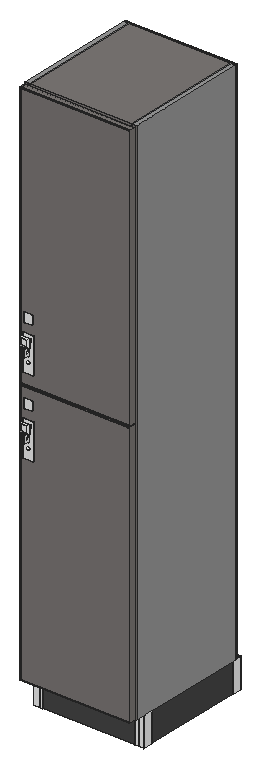
Revit family "Wood_Lockers_Hasps-Salsbury_Industries-15_42000_Series-1_Wide_Units.rfa", category Specialty Equipment, Revit 2016 (continued)
Definition of nested family "Wood Locker Side Panels-No Slope"
  Reference planes (in)
    plane 12 "Right Side of Wood": x = 11.7815
    plane 13 "Left Side of Wood": x = -11.7815
    plane 14 "Top of Wood": z = 71.969
    plane 15 "Bottom of Wood": z = 0.031
  Forms (in)
    Extrusion 1, solid, visible <- "Visible"
      sketch origin (0, 0.375, 0) x (1, 0, 0) y (0, 0, 1)
        loop
          line (11.7815, 71.969) -> (-11.7815, 71.969) -> (-11.7815, 0.031) -> (11.7815, 0.031) -> (11.7815, 71.969)
      from 0 to 0.719
    Extrusion 2, solid, material <- "Laminate Surface", visible <- "Visible"
      sketch origin (0, -0.375, 0) x (1, 0, 0) y (0, 0, 1)
        loop
          line (-11.8125, 72) -> (-11.8125, 0) -> (11.8125, 0) -> (11.8125, 72) -> (-11.8125, 72)
      from -0.031 to 0
    Extrusion 3, solid, material <- "Laminate Surface", visible <- "Visible"
      sketch origin (0, 0, 0) x (1, 0, 0) y (0, 0, 1)
        loop
          line (-11.8125, 0) -> (11.8125, 0) -> (11.8125, 72) -> (-11.8125, 72) -> (-11.8125, 0)
        loop
          line (-11.7815, 0.031) -> (11.7815, 0.031) -> (11.7815, 71.969) -> (-11.7815, 71.969) -> (-11.7815, 0.031)
      from -0.375 to 0.344
  Dimensions and locks (in)
    equal spacing: plane 6 "Left Side", plane 3 "Center (Left/Right)", plane 7 "Right Side"
    plane 5 "Front" to plane 1 "Center (Front/Back)" to plane 4 "Back" = 0.375", 0.375"
    "Width": plane 6 "Left Side" to plane 7 "Right Side"
    "Depth": plane 5 "Front" to plane 4 "Back"
    equal spacing: plane 9 "Top", plane 10 "Center Elevation", plane 8 "Bottom"
    "Height": plane 9 "Top" to plane 8 "Bottom"
    locked: plane 5 "Front" to plane 11 "Wood - Laminate Edge" at 0.031
    locked: plane 15 "Bottom of Wood" to plane 8 "Bottom" at 0.031
    locked: plane 12 "Right Side of Wood" to plane 7 "Right Side" at 0.031
    locked: plane 6 "Left Side" to plane 13 "Left Side of Wood" at 0.031
    locked: plane 9 "Top" to plane 14 "Top of Wood" at 0.031
    aligned and locked: level to plane 2
    aligned and locked: Extrusion 2 sketch curve to plane 7 "Right Side"
    aligned and locked: plane 8 "Bottom" to Extrusion 2 sketch curve
    aligned and locked: plane 6 "Left Side" to Extrusion 2 sketch curve
    aligned and locked: plane 9 "Top" to Extrusion 2 sketch curve
    aligned and locked: Extrusion 3 to plane 4 "Back"
    aligned and locked: plane 11 "Wood - Laminate Edge" to Extrusion 3
  Automatic sketch dimensions
    plane 13 "Left Side of Wood" to Extrusion 1 sketch curve = 0.000"
    plane 12 "Right Side of Wood" to Extrusion 1 sketch curve = 0.000"
    Extrusion 1 sketch curve to plane 15 "Bottom of Wood" = 0.000"
    Extrusion 1 sketch curve to plane 14 "Top of Wood" = 0.000"
    plane 13 "Left Side of Wood" to Extrusion 3 sketch curve = 0.000"
    Extrusion 3 sketch curve to level = 0.000"
    plane 13 "Left Side of Wood" to Extrusion 3 sketch curve = 0.031"
    plane 12 "Right Side of Wood" to Extrusion 3 sketch curve = 0.000"
    plane 7 "Right Side" to Extrusion 3 sketch curve = 0.000"
    Extrusion 3 sketch curve to plane 15 "Bottom of Wood" = 0.000"
    Extrusion 3 sketch curve to plane 14 "Top of Wood" = 0.000"
    Extrusion 3 sketch curve to plane 9 "Top" = 0.000"
Definition of nested family "Wood Locker Side Panels-With Slope"
  Parameters (values of type "44238 - 6' H for 24" D Lockers")
    Width = 23.625"
    Visible = yes
    Version = "1.0 (12/15/23)"
    Type Comments = "Side Panel for Premier Wood Lockers with Sloping Hood"
    Slope Height = 8.608"
    Model = "44238"
    Manufacturer = "Salsbury Industries"
    Laminate Surface = none
    Height = 72.153"
    Door Trim = none
    Description = "6' H for 24\" D Lockers"
    Depth = 0.750"
  Types (6): name | Width | Visible | Version | Type Comments | Slope Height | Model | Manufacturer | Height | Description
    (no name) | 23.625" | yes | "1.0 (12/15/23)" | "Side Panel for Premier Wood Lockers with Sloping Hood" | 8.608" | "44238" | "Salsbury Industries" | 72.153" | "6' H for 24\" D Lockers"
    44334 - 6' H  for 18" D Lockers | 17.625" | yes | "1.0 (12/15/23)" | "Side Panel for Premier Wood Lockers with Sloping Hood" | 6.806" | "44334" | "Salsbury Industries" | 72.062" | "6' H for 18\" D Lockers"
    44336 - 6' H for 21" D Lockers | 20.625" | yes | "1.0 (12/15/23)" | "Side Panel for Premier Wood Lockers with Sloping Hood" | 7.931" | "44336" | "Salsbury Industries" | 72.062" | "6' H for 21\" D Lockers"
    None | 14.625" | no | "" | "" | 5.681" | "" | "" | 72.062" | ""
    44339 - 6' H for 15" D Lockers | 14.625" | yes | "1.0 (12/15/23)" | "Side Panel for Premier Wood Lockers with Sloping Hood" | 5.681" | "44339" | "Salsbury Industries" | 72.062" | "6' H for 15\" D Lockers"
    44238 - 6' H for 24" D Lockers | 23.625" | yes | "1.0 (12/15/23)" | "Side Panel for Premier Wood Lockers with Sloping Hood" | 8.608" | "44238" | "Salsbury Industries" | 72.153" | "6' H for 24\" D Lockers"
  Reference planes (in)
    plane 1 "Center (Front/Back)": y = 0
    plane 2: z = 0
    plane 3 "Center (Left/Right)": x = 0
    plane 4 "Back": y = 0.375
    plane 5 "Front": y = -0.375
    plane 6 "Left Side": x = -11.8125
    plane 7 "Right Side": x = 11.8125
    plane 8 "Bottom": z = 0
    plane 9 "Top": z = 72.153
    plane 10 "Center Elevation": z = 36.0765
    plane 11 "Wood - Laminate Edge": y = -0.344
    plane 12 "Right Side of Wood": x = 11.7815
    plane 13 "Left Side of Wood": x = -11.7815
    plane 14 "Top of Wood": z = 72.028
    plane 15 "Bottom of Wood": z = 0.031
    plane 16: z = 80.761
    plane 17: z = 80.636
  Forms (in)
    Extrusion 1, solid, visible <- "Visible"
      sketch origin (0, 0.375, 0) x (1, 0, 0) y (0, 0, 1)
        loop
          line (-11.8125, 80.73) -> (-11.8125, 0) -> (11.7815, 0) -> (11.7815, 72.13387) -> (-11.8125, 80.73)
      from 0 to 0.719
    Extrusion 2, solid, material <- "Laminate Surface", visible <- "Visible"
      sketch origin (0, -0.375, 0) x (1, 0, 0) y (0, 0, 1)
        loop
          line (-11.8125, 0) -> (11.8125, 0) -> (11.8125, 72.153) -> (-11.8125, 80.761) -> (-11.8125, 0)
      from -0.031 to 0
    Extrusion 3, solid, material <- "Laminate Surface", visible <- "Visible"
      sketch origin (0, -0.375, 0) x (1, 0, 0) y (0, 0, 1)
        loop
          line (11.8125, 0) -> (11.8125, 72.153) -> (-11.8125, 80.761) -> (-11.8125, 80.73) -> (11.7815, 72.13387) -> (11.7815, 0) -> (11.8125, 0)
      from -0.031 to -0.75
  Dimensions and locks (in)
    equal spacing: plane 6 "Left Side", plane 3 "Center (Left/Right)", plane 7 "Right Side"
    plane 5 "Front" to plane 1 "Center (Front/Back)" to plane 4 "Back" = 0.375", 0.375"
    "Width": plane 6 "Left Side" to plane 7 "Right Side"
    "Depth": plane 5 "Front" to plane 4 "Back"
    equal spacing: plane 9 "Top", plane 10 "Center Elevation", plane 8 "Bottom"
    "Height": plane 9 "Top" to plane 8 "Bottom"
    locked: plane 5 "Front" to plane 11 "Wood - Laminate Edge" at 0.031
    locked: plane 15 "Bottom of Wood" to plane 8 "Bottom" at 0.031
    locked: plane 12 "Right Side of Wood" to plane 7 "Right Side" at 0.031
    locked: plane 6 "Left Side" to plane 13 "Left Side of Wood" at 0.031
    locked: plane 9 "Top" to plane 14 "Top of Wood" at 0.125
    "Slope Height": plane 16 to plane 9 "Top"
    locked: plane 16 to plane 17 at 0.125
    aligned and locked: level to plane 2
    aligned and locked: Extrusion 3 to plane 4 "Back"
    aligned and locked: plane 11 "Wood - Laminate Edge" to Extrusion 3
  Automatic sketch dimensions
    plane 6 "Left Side" to Extrusion 2 sketch curve = 0.000"
    plane 7 "Right Side" to Extrusion 2 sketch curve = 0.000"
    Extrusion 2 sketch curve to level = 0.000"
    Extrusion 2 sketch curve to plane 9 "Top" = 0.000"
    Extrusion 2 sketch curve to plane 16 = 0.000"
    Extrusion 1 sketch curve to level = 0.000"
    plane 6 "Left Side" to Extrusion 1 sketch curve = 0.000"
    plane 12 "Right Side of Wood" to Extrusion 1 sketch curve = 0.000"
    plane 9 "Top" to Extrusion 1 sketch curve = 0.01913"
    plane 6 "Left Side" to Extrusion 3 sketch curve = 0.000"
    plane 12 "Right Side of Wood" to Extrusion 3 sketch curve = 0.000"
    plane 7 "Right Side" to Extrusion 3 sketch curve = 0.000"
    Extrusion 3 sketch curve to level = 0.000"
    Extrusion 3 sketch curve to plane 9 "Top" = 0.000"
    Extrusion 3 sketch curve to plane 16 = 0.000"
    plane 9 "Top" to Extrusion 3 sketch curve = 0.01913"
    plane 16 to Extrusion 3 sketch curve = 0.031"
    plane 16 to Extrusion 1 sketch curve = 0.031"
Definition of nested family "Wood Locker Double Side Panels-No Slope"
  Parameters (values of type "44237DE - 6' H for 24"D Lockers")
    Width = 47.250"
    Visible = yes
    Version = "1.0 (12/15/23)"
    Type Comments = "Double End Panel for Premier Wood Lockers"
    Model = "44237DE"
    Manufacturer = "Salsbury Industries"
    Laminate Surface = none
    Height = 72.000"
    Door Trim = none
    Description = "For 6' H x 21\" D without Sloping Hood"
    Depth = 0.750"
  Types (6): name | Width | Visible | Version | Type Comments | Model | Manufacturer | Description
    (no name) | 47.250" | yes | "1.0 (12/15/23)" | "Double End Panel for Premier Wood Lockers" | "44237DE" | "Salsbury Industries" | "For 6' H x 21\" D without Sloping Hood"
    44330DE - 6' H for 15"D Lockers | 29.250" | yes | "1.0 (12/15/23)" | "Double End Panel for Premier Wood Lockers" | "44330DE" | "Salsbury Industries" | "For 6' H x 15\" D without Sloping Hood"
    44333DE - 6' H for 18" D Lockers | 35.250" | yes | "1.0 (12/15/23)" | "Double End Panel for Premier Wood Lockers" | "44333DE" | "Salsbury Industries" | "For 6' H x 18\" D without Sloping Hood"
    44335DE - 6' H for 21" D Lockers | 41.250" | yes | "1.0 (12/15/23)" | "Double End Panel for Premier Wood Lockers" | "44335DE" | "Salsbury Industries" | "For 6' H x 21\" D without Sloping Hood"
    None | 14.000" | no | "" | "" | "" | "" | ""
    44237DE - 6' H for 24"D Lockers | 47.250" | yes | "1.0 (12/15/23)" | "Double End Panel for Premier Wood Lockers" | "44237DE" | "Salsbury Industries" | "For 6' H x 21\" D without Sloping Hood"
  Reference planes (in)
    plane 1 "Center (Front/Back)": y = 0
    plane 2: z = 0
    plane 3 "Center (Left/Right)": x = 0
    plane 4 "Back": y = 0.375
    plane 5 "Front": y = -0.375
    plane 6 "Left Side": x = -23.625
    plane 7 "Right Side": x = 23.625
    plane 8 "Bottom": z = 0
    plane 9 "Top": z = 72
    plane 10 "Center Elevation": z = 36
    plane 11 "Wood - Laminate Edge": y = -0.344
    plane 12 "Right Side of Wood": x = 23.594
    plane 13 "Left Side of Wood": x = -23.594
    plane 14 "Top of Wood": z = 71.969
    plane 15 "Bottom of Wood": z = 0.031
  Forms (in)
    Extrusion 1, solid, visible <- "Visible"
      sketch origin (0, 0.375, 0) x (1, 0, 0) y (0, 0, 1)
        loop
          line (23.594, 71.969) -> (-23.594, 71.969) -> (-23.594, 0.031) -> (23.594, 0.031) -> (23.594, 71.969)
      from 0 to 0.719
    Extrusion 2, solid, material <- "Laminate Surface", visible <- "Visible"
      sketch origin (0, -0.375, 0) x (1, 0, 0) y (0, 0, 1)
        loop
          line (-23.625, 72) -> (-23.625, 0) -> (23.625, 0) -> (23.625, 72) -> (-23.625, 72)
      from -0.031 to 0
    Extrusion 3, solid, material <- "Laminate Surface", visible <- "Visible"
      sketch origin (0, 0, 0) x (1, 0, 0) y (0, 0, 1)
        loop
          line (-23.625, 0) -> (23.625, 0) -> (23.625, 72) -> (-23.625, 72) -> (-23.625, 0)
        loop
          line (23.594, 71.969) -> (-23.594, 71.969) -> (-23.594, 0.031) -> (23.594, 0.031) -> (23.594, 71.969)
      from -0.375 to 0.344
  Dimensions and locks (in)
    equal spacing: plane 6 "Left Side", plane 3 "Center (Left/Right)", plane 7 "Right Side"
    plane 5 "Front" to plane 1 "Center (Front/Back)" to plane 4 "Back" = 0.375", 0.375"
    "Width": plane 6 "Left Side" to plane 7 "Right Side"
    "Depth": plane 5 "Front" to plane 4 "Back"
    equal spacing: plane 9 "Top", plane 10 "Center Elevation", plane 8 "Bottom"
    "Height": plane 9 "Top" to plane 8 "Bottom"
    locked: plane 5 "Front" to plane 11 "Wood - Laminate Edge" at 0.031
    locked: plane 15 "Bottom of Wood" to plane 8 "Bottom" at 0.031
    plane 12 "Right Side of Wood" to plane 7 "Right Side" = 0.031"
    locked: plane 6 "Left Side" to plane 13 "Left Side of Wood" at 0.031
    locked: plane 9 "Top" to plane 14 "Top of Wood" at 0.031
    aligned and locked: level to plane 2
    aligned and locked: Extrusion 2 sketch curve to plane 8 "Bottom"
    aligned and locked: plane 6 "Left Side" to Extrusion 2 sketch curve
    aligned and locked: Extrusion 2 sketch curve to plane 7 "Right Side"
    aligned and locked: Extrusion 2 sketch curve to plane 9 "Top"
    aligned and locked: Extrusion 3 to plane 4 "Back"
    aligned and locked: plane 11 "Wood - Laminate Edge" to Extrusion 3
  Automatic sketch dimensions
    plane 13 "Left Side of Wood" to Extrusion 1 sketch curve = 0.000"
    plane 12 "Right Side of Wood" to Extrusion 1 sketch curve = 0.000"
    Extrusion 1 sketch curve to plane 15 "Bottom of Wood" = 0.000"
    Extrusion 1 sketch curve to plane 14 "Top of Wood" = 0.000"
    Extrusion 3 sketch curve to level = 0.000"
    plane 6 "Left Side" to Extrusion 3 sketch curve = 0.000"
    plane 7 "Right Side" to Extrusion 3 sketch curve = 0.000"
    Extrusion 3 sketch curve to plane 9 "Top" = 0.000"
    plane 13 "Left Side of Wood" to Extrusion 3 sketch curve = 0.000"
    Extrusion 3 sketch curve to plane 15 "Bottom of Wood" = 0.000"
    Extrusion 3 sketch curve to plane 14 "Top of Wood" = 0.000"
    plane 12 "Right Side of Wood" to Extrusion 3 sketch curve = 0.000"
Definition of nested family "Wood Locker Double Side Panels-With Slope"
  Parameters (values of type "44238DE - 6' H for 24"D Lockers")
    Width = 47.250"
    Visible = yes
    Version = "1.0 (12/15/23)"
    Type Comments = "Double End Panel for Premier Wood Lockers"
    Slope Height = 8.895"
    Model = "442386DE"
    Manufacturer = "Salsbury Industries"
    Laminate Surface = none
    Height = 72.153"
    Door Trim = none
    Description = "For 6' H x 21\" D Lockers with Sloping Hood"
    Depth = 0.750"
  Types (6): name | Width | Visible | Version | Type Comments | Slope Height | Model | Manufacturer | Height | Description
    (no name) | 47.250" | yes | "1.0 (12/15/23)" | "Double End Panel for Premier Wood Lockers" | 8.895" | "442386DE" | "Salsbury Industries" | 72.153" | "For 6' H x 21\" D Lockers with Sloping Hood"
    44339DE - 6' H for 15"D Lockers | 29.250" | yes | "1.0 (12/15/23)" | "Double End Panel for Premier Wood Lockers" | 5.681" | "44339DE" | "Salsbury Industries" | 72.062" | "For 6' H x 15\" D Lockers with Sloping Hood"
    44334DE - 6' H  for 18" D Lockers | 35.250" | yes | "1.0 (12/15/23)" | "Double End Panel for Premier Wood Lockers" | 6.806" | "44334DE" | "Salsbury Industries" | 72.062" | "For 6' H x 18\" D Lockers with Sloping Hood"
    44336DE - 6' H for 21" D Lockers | 41.250" | yes | "1.0 (12/15/23)" | "Double End Panel for Premier Wood Lockers" | 7.931" | "44336DE" | "Salsbury Industries" | 72.062" | "For 6' H x 21\" D Lockers with Sloping Hood"
    None | 14.000" | no | "" | "" | 5.500" | "" | "" | 72.000" | ""
    44238DE - 6' H for 24"D Lockers | 47.250" | yes | "1.0 (12/15/23)" | "Double End Panel for Premier Wood Lockers" | 8.895" | "442386DE" | "Salsbury Industries" | 72.153" | "For 6' H x 21\" D Lockers with Sloping Hood"
  Reference planes (in)
    plane 1 "Center (Front/Back)": y = 0
    plane 2: z = 0
    plane 3 "Center (Left/Right)": x = 0
    plane 4 "Back": y = 0.375
    plane 5 "Front": y = -0.375
    plane 6 "Left Side": x = -23.625
    plane 7 "Right Side": x = 23.625
    plane 8 "Bottom": z = 0
    plane 9 "Top": z = 72.153
    plane 10 "Center Elevation": z = 36.0765
    plane 11 "Wood - Laminate Edge": y = -0.344
    plane 12 "Right Side of Wood": x = 23.594
    plane 13 "Left Side of Wood": x = -23.594
    plane 14 "Top of Wood": z = 72.028
    plane 15 "Bottom of Wood": z = 0.125
    plane 16: z = 81.048
    plane 17: z = 81.017
  Forms (in)
    Extrusion 1, solid, visible <- "Visible"
      sketch origin (0, 0.375, 0) x (1, 0, 0) y (0, 0, 1)
        loop
          line (23.594, 72.122) -> (0, 81.017) -> (-23.594, 72.122) -> (-23.594, 0) -> (23.594, 0) -> (23.594, 72.122)
      from 0 to 0.719
    Extrusion 2, solid, material <- "Laminate Surface", visible <- "Visible"
      sketch origin (0, -0.375, 0) x (1, 0, 0) y (0, 0, 1)
        loop
          line (23.625, 0) -> (23.625, 72.153) -> (0, 81.048) -> (-23.625, 72.153) -> (-23.625, 0) -> (23.625, 0)
      from -0.031 to 0
    Extrusion 3, solid, material <- "Laminate Surface", visible <- "Visible"
      sketch origin (0, 0.375, 0) x (1, 0, 0) y (0, 0, 1)
        loop
          line (23.625, 0) -> (23.625, 72.153) -> (0, 81.048) -> (-23.625, 72.153) -> (-23.625, 0) -> (-23.594, 0) -> (-23.594, 72.122) -> (0, 81.017) -> (23.594, 72.122) -> (23.594, 0) -> (23.625, 0)
      from 0 to 0.719
  Dimensions and locks (in)
    equal spacing: plane 6 "Left Side", plane 3 "Center (Left/Right)", plane 7 "Right Side"
    plane 5 "Front" to plane 1 "Center (Front/Back)" to plane 4 "Back" = 0.375", 0.375"
    "Width": plane 6 "Left Side" to plane 7 "Right Side"
    "Depth": plane 5 "Front" to plane 4 "Back"
    equal spacing: plane 9 "Top", plane 10 "Center Elevation", plane 8 "Bottom"
    "Height": plane 9 "Top" to plane 8 "Bottom"
    locked: plane 5 "Front" to plane 11 "Wood - Laminate Edge" at 0.031
    locked: plane 15 "Bottom of Wood" to plane 8 "Bottom" at 0.125
    locked: plane 12 "Right Side of Wood" to plane 7 "Right Side" at 0.031
    locked: plane 6 "Left Side" to plane 13 "Left Side of Wood" at 0.031
    locked: plane 9 "Top" to plane 14 "Top of Wood" at 0.125
    "Slope Height": plane 16 to plane 9 "Top"
    locked: plane 16 to plane 17 at 0.031
    aligned and locked: level to plane 2
    aligned and locked: Extrusion 3 to plane 4 "Back"
    aligned and locked: plane 11 "Wood - Laminate Edge" to Extrusion 3
  Automatic sketch dimensions
    plane 6 "Left Side" to Extrusion 2 sketch curve = 0.000"
    Extrusion 2 sketch curve to plane 3 "Center (Left/Right)" = 0.000"
    plane 7 "Right Side" to Extrusion 2 sketch curve = 0.000"
    Extrusion 2 sketch curve to level = 0.000"
    Extrusion 2 sketch curve to plane 9 "Top" = 0.000"  (x2)
    Extrusion 2 sketch curve to plane 16 = 0.000"
    Extrusion 1 sketch curve to level = 0.000"
    plane 13 "Left Side of Wood" to Extrusion 1 sketch curve = 0.000"
    Extrusion 1 sketch curve to plane 3 "Center (Left/Right)" = 0.000"
    plane 12 "Right Side of Wood" to Extrusion 1 sketch curve = 0.000"
    Extrusion 1 sketch curve to plane 17 = 0.000"
    plane 9 "Top" to Extrusion 1 sketch curve = 0.031"  (x2)
    Extrusion 3 sketch curve to level = 0.000"  (x2)
    plane 6 "Left Side" to Extrusion 3 sketch curve = 0.000"
    plane 13 "Left Side of Wood" to Extrusion 3 sketch curve = 0.000"
    Extrusion 3 sketch curve to plane 3 "Center (Left/Right)" = 0.000"  (x2)
    plane 12 "Right Side of Wood" to Extrusion 3 sketch curve = 0.000"
    plane 7 "Right Side" to Extrusion 3 sketch curve = 0.000"
    Extrusion 3 sketch curve to plane 9 "Top" = 0.000"  (x2)
    plane 9 "Top" to Extrusion 3 sketch curve = 0.031"  (x2)
    Extrusion 3 sketch curve to plane 17 = 0.000"
    Extrusion 3 sketch curve to plane 16 = 0.000"
Definition of nested family "Wood Locker Front Fillers"
  Parameters (values of type "44467 - 15" W for 6'H Lockers without Base")
    Width = 15.000"
    Visible Base = no
    Visible = yes
    Version = "1.0 (12/15/23)"
    Type Comments = "Front Vertical Filler for Premier Wood Lockers"
    Model = "44467"
    Manufacturer = "Salsbury Industries"
    Laminate Surface = none
    Height = 72.000"
    Description = "For 6' H Lockers"
    Depth = 0.750"
    Base Material = none
    Base Height = 0.000"
  Types (3): name | Width | Visible | Version | Type Comments | Model | Manufacturer | Description | Base Height
    None | 15.000" | no | "" | "" | "" | "" | "" | 4.000"
    44467 - 15" W for 6'H Lockers without Base | 15.000" | yes | "1.0 (12/15/23)" | "Front Vertical Filler for Premier Wood Lockers" | "44467" | "Salsbury Industries" | "For 6' H Lockers" | 0.000"
    44469 - 9" W for 6' H Lockers without Base | 9.000" | yes | "1.0 (12/15/23)" | "Front Vertical Filler for Premier Wood Lockers" | "44469" | "Salsbury Industries" | "For 6' H Lockers" | 0.000"
  Reference planes (in)
    plane 1 "Center (Front/Back)": y = 0
    plane 2: z = 0
    plane 3 "Center (Left/Right)": x = 0
    plane 4 "Back": y = 0.375
    plane 5 "Front": y = -0.375
    plane 6 "Left Side": x = -7.5
    plane 7 "Right Side": x = 7.5
    plane 8 "Bottom": z = 0
    plane 9 "Top": z = 72
    plane 10 "Center Elevation": z = 36
    plane 11 "Wood - Laminate Edge": y = -0.344
    plane 12 "Right Side of Wood": x = 7.375
    plane 13 "Left Side of Wood": x = -7.375
    plane 14 "Top of Wood": z = 71.875
    plane 15 "Bottom of Wood": z = 0.125
    plane 16 "Front of Base Filler": y = 1
  Forms (in)
    Extrusion 1, solid, visible <- "Visible"
      sketch origin (0, 0.375, 0) x (1, 0, 0) y (0, 0, 1)
        loop
          line (7.5, 72) -> (-7.5, 72) -> (-7.5, 0) -> (7.5, 0) -> (7.5, 72)
      from 0 to 0.719
    Extrusion 2, solid, material <- "Laminate Surface", visible <- "Visible"
      sketch origin (0, -0.375, 0) x (1, 0, 0) y (0, 0, 1)
        loop
          line (-7.5, 72) -> (-7.5, 0) -> (7.5, 0) -> (7.5, 72) -> (-7.5, 72)
      from -0.031 to 0
    Extrusion 3, solid, material <- "Base Material", visible <- "Visible Base"
      sketch origin (0, 0, 0) x (1, 0, 0) y (0, 1, 0)
        loop
          line (-7.5, 1.75) -> (-7.5, 0.375) -> (7.5, 0.375) -> (7.5, 1.75) -> (-7.5, 1.75)
      from 0 to 0.75
    Extrusion 4, solid, material <- "Base Material", visible <- "Visible Base"
      sketch origin (0, 0, 0) x (1, 0, 0) y (0, 1, 0)
        loop
          line (-7.5, 1.75) -> (-7.5, 1) -> (7.5, 1) -> (7.5, 1.75) -> (-7.5, 1.75)
      from 0 to -4
  Dimensions and locks (in)
    equal spacing: plane 6 "Left Side", plane 3 "Center (Left/Right)", plane 7 "Right Side"
    plane 5 "Front" to plane 1 "Center (Front/Back)" to plane 4 "Back" = 0.375", 0.375"
    "Width": plane 6 "Left Side" to plane 7 "Right Side"
    "Depth": plane 5 "Front" to plane 4 "Back"
    equal spacing: plane 9 "Top", plane 10 "Center Elevation", plane 8 "Bottom"
    locked: plane 5 "Front" to plane 11 "Wood - Laminate Edge" at 0.031
    locked: plane 15 "Bottom of Wood" to plane 8 "Bottom" at 0.125
    locked: plane 12 "Right Side of Wood" to plane 7 "Right Side" at 0.125
    locked: plane 6 "Left Side" to plane 13 "Left Side of Wood" at 0.125
    locked: plane 9 "Top" to plane 14 "Top of Wood" at 0.125
    locked: plane 5 "Front" to plane 16 "Front of Base Filler" at 1.375
    "Base Height": plane 8 "Bottom" to plane 2
    "Height": plane 9 "Top" to plane 8 "Bottom"
    aligned and locked: level to plane 2
    aligned and locked: plane 8 "Bottom" to Extrusion 1
  Automatic sketch dimensions
    plane 6 "Left Side" to Extrusion 1 sketch curve = 0.000"
    plane 7 "Right Side" to Extrusion 1 sketch curve = 0.000"
    level to Extrusion 1 sketch curve = 0.000"
    Extrusion 1 sketch curve to plane 9 "Top" = 0.000"
    plane 6 "Left Side" to Extrusion 2 sketch curve = 0.000"
    plane 7 "Right Side" to Extrusion 2 sketch curve = 0.000"
    plane 15 "Bottom of Wood" to Extrusion 2 sketch curve = 0.125"
    Extrusion 2 sketch curve to plane 9 "Top" = 0.000"
    plane 4 "Back" to Extrusion 3 sketch curve = 0.000"
    Extrusion 3 sketch curve to plane 6 "Left Side" = 0.000"
    Extrusion 3 sketch curve to plane 7 "Right Side" = 0.000"
    Extrusion 3 sketch curve to plane 16 "Front of Base Filler" = 0.750"
    Extrusion 4 sketch curve to plane 6 "Left Side" = 0.000"
    Extrusion 4 sketch curve to plane 7 "Right Side" = 0.000"
    plane 16 "Front of Base Filler" to Extrusion 4 sketch curve = 0.000"
    Extrusion 4 sketch curve to plane 16 "Front of Base Filler" = 0.750"
Definition of nested family "Wood Locker Front Corner Filler"
  Parameters (values of type "44464 - for 6' H Lockers with Base")
    Width = 2.250"
    Visible Base = yes
    Visible = yes
    Version = "1.0 (12/15/23)"
    Type Comments = "Front Vertical Corner Filler for Designer Wood Lockers"
    Primary Structure Materials = none
    Model = "44464"
    Manufacturer = "Salsbury Industries"
    Laminate Surface = none
    Height = 72.000"
    Description = "For 6' H Lockers"
    Depth = 0.750"
    Base Primary Materials = none
    Base Height = 4.000"
  Types (3): name | Visible Base | Visible | Version | Type Comments | Model | Manufacturer | Description | Base Height
    None | no | no | "" | "" | "" | "" | "" | 4.000"
    44464 - for 6'H Lockers without Base | no | yes | "1.0 (12/15/23)" | "Front Vertical Corner Filler for Designer Wood Lockers" | "44464" | "Salsbury Industries" | "For 6' H Lockers" | 0.000"
    44464 - for 6' H Lockers with Base | yes | yes | "1.0 (12/15/23)" | "Front Vertical Corner Filler for Designer Wood Lockers" | "44464" | "Salsbury Industries" | "For 6' H Lockers" | 4.000"
  Reference planes (in)
    plane 1 "Center (Front/Back)": y = 0
    plane 2 "Bottom of Base": z = 0
    plane 3 "Center (Left/Right)": x = 0
    plane 4 "Back": y = 0.375
    plane 5 "Front": y = -0.375
    plane 6 "Left Side": x = -1.125
    plane 7 "Right Side": x = 1.125
    plane 8 "Bottom": z = 4
    plane 9 "Top": z = 76
    plane 10 "Center Elevation": z = 40
    plane 11 "Wood - Laminate Edge": y = -0.344
    plane 12 "Right Side of Wood": x = 1
    plane 13 "Left Side of Wood": x = -1
    plane 14 "Top of Wood": z = 75.875
    plane 15 "Bottom of Wood": z = 4.125
    plane 16 "Front of Base Filler": y = 1
  Forms (in)
    Extrusion 1, solid, material <- "Primary Structure Materials", visible <- "Visible"
      sketch origin (0, 0.375, 0) x (1, 0, 0) y (0, 0, 1)
        loop
          line (1.125, 76) -> (-1.156, 76) -> (-1.156, 4) -> (1.125, 4) -> (1.125, 76)
      from 0 to 0.719
    Extrusion 2, solid, material <- "Laminate Surface", visible <- "Visible"
      sketch origin (0, -0.375, 0) x (1, 0, 0) y (0, 0, 1)
        loop
          line (-1.125, 76) -> (-1.125, 4) -> (1.125, 4) -> (1.125, 76) -> (-1.125, 76)
      from -0.031 to 0
    Extrusion 3, solid, material <- "Primary Structure Materials", visible <- "Visible"
      sketch origin (-1.875, -1.5, 0) x (0, 1, 0) y (0, 0, 1)
        loop
          line (1.875, 76) -> (-1.125, 76) -> (-1.125, 4) -> (1.875, 4) -> (1.875, 76)
      from 0 to 0.719
    Extrusion 4, solid, material <- "Laminate Surface", visible <- "Visible"
      sketch origin (-1.125, -1.5, 0) x (0, 1, 0) y (0, 0, 1)
        loop
          line (-1.125, 76) -> (-1.125, 4) -> (1.156, 4) -> (1.156, 76) -> (-1.125, 76)
      from -0.031 to 0
    Extrusion 5, solid, material <- "Base Primary Materials", visible <- "Visible Base"
      sketch origin (0, 0, 0) x (1, 0, 0) y (0, 1, 0)
        loop
          line (-3.25, 1.75) -> (-3.25, -2.625) -> (-1.875, -2.625) -> (-1.875, 1.75) -> (-3.25, 1.75)
      from 4 to 4.75
    Extrusion 6, solid, material <- "Base Primary Materials", visible <- "Visible Base"
      sketch origin (0, 0, 0) x (1, 0, 0) y (0, 1, 0)
        loop
          line (-1.875, 1.75) -> (-1.875, 0.375) -> (1.125, 0.375) -> (1.125, 1.75) -> (-1.875, 1.75)
      from 4 to 4.75
    Extrusion 7, solid, material <- "Base Primary Materials", visible <- "Visible Base"
      sketch origin (0, 0, 0) x (1, 0, 0) y (0, 1, 0)
        loop
          line (1.125, 1.75) -> (-2.43407, 1.75) -> (-2.43407, 1) -> (1.125, 1) -> (1.125, 1.75)
      from 0 to 4
    Extrusion 8, solid, material <- "Base Primary Materials", visible <- "Visible Base"
      sketch origin (0, 0, 0) x (1, 0, 0) y (0, 1, 0)
        loop
          line (-3.25, 1.75) -> (-3.25, -2.625) -> (-2.43407, -2.625) -> (-2.43407, 1.75) -> (-3.25, 1.75)
      from 0 to 4
  Dimensions and locks (in)
    equal spacing: plane 6 "Left Side", plane 3 "Center (Left/Right)", plane 7 "Right Side"
    plane 5 "Front" to plane 1 "Center (Front/Back)" to plane 4 "Back" = 0.375", 0.375"
    "Width": plane 6 "Left Side" to plane 7 "Right Side"
    "Depth": plane 5 "Front" to plane 4 "Back"
    equal spacing: plane 9 "Top", plane 10 "Center Elevation", plane 8 "Bottom"
    "Height": plane 9 "Top" to plane 8 "Bottom"
    locked: plane 5 "Front" to plane 11 "Wood - Laminate Edge" at 0.031
    locked: plane 15 "Bottom of Wood" to plane 8 "Bottom" at 0.125
    locked: plane 12 "Right Side of Wood" to plane 7 "Right Side" at 0.125
    locked: plane 6 "Left Side" to plane 13 "Left Side of Wood" at 0.125
    locked: plane 9 "Top" to plane 14 "Top of Wood" at 0.125
    locked: plane 5 "Front" to plane 16 "Front of Base Filler" at 1.375
    "Base Height": plane 8 "Bottom" to plane 2 "Bottom of Base"
    aligned and locked: level to plane 2 "Bottom of Base"
    aligned and locked: plane 8 "Bottom" to Extrusion 1
    aligned and locked: Extrusion 7 to Extrusion 5
    aligned and locked: Extrusion 8 to Extrusion 5
    aligned and locked: Extrusion 7 to Extrusion 8
  Automatic sketch dimensions
    Extrusion 1 sketch curve to plane 9 "Top" = 0.000"
    Extrusion 1 sketch curve to plane 8 "Bottom" = 0.000"
    plane 7 "Right Side" to Extrusion 1 sketch curve = 0.000"
    plane 6 "Left Side" to Extrusion 1 sketch curve = 0.031"
    plane 6 "Left Side" to Extrusion 2 sketch curve = 0.000"
    plane 7 "Right Side" to Extrusion 2 sketch curve = 0.000"
    Extrusion 2 sketch curve to plane 8 "Bottom" = 0.000"
    Extrusion 2 sketch curve to plane 9 "Top" = 0.000"
    plane 9 "Top" to Extrusion 3 sketch curve = 0.000"
    plane 8 "Bottom" to Extrusion 3 sketch curve = 0.000"
    Extrusion 3 sketch curve to plane 4 "Back" = 0.000"
    plane 5 "Front" to Extrusion 3 sketch curve = 2.250"
    plane 8 "Bottom" to Extrusion 4 sketch curve = 0.000"
    plane 9 "Top" to Extrusion 4 sketch curve = 0.000"
    Extrusion 4 sketch curve to plane 11 "Wood - Laminate Edge" = 0.000"
    plane 5 "Front" to Extrusion 4 sketch curve = 2.250"
    plane 6 "Left Side" to Extrusion 5 sketch curve = 2.125"
    plane 6 "Left Side" to Extrusion 5 sketch curve = 0.750"
    plane 5 "Front" to Extrusion 5 sketch curve = 2.250"
    Extrusion 5 sketch curve to plane 16 "Front of Base Filler" = 0.750"
    plane 16 "Front of Base Filler" to Extrusion 7 sketch curve = 0.000"
    Extrusion 7 sketch curve to plane 7 "Right Side" = 0.000"
    plane 6 "Left Side" to Extrusion 7 sketch curve = 1.30907"
    Extrusion 7 sketch curve to plane 16 "Front of Base Filler" = 0.750"
    plane 6 "Left Side" to Extrusion 8 sketch curve = 2.125"
    Extrusion 8 sketch curve to Extrusion 8 sketch curve = 0.81593"
    plane 5 "Front" to Extrusion 8 sketch curve = 2.250"
    Extrusion 8 sketch curve to plane 16 "Front of Base Filler" = 0.750"
    plane 4 "Back" to Extrusion 6 sketch curve = 0.000"
    Extrusion 6 sketch curve to plane 7 "Right Side" = 0.000"
    plane 6 "Left Side" to Extrusion 6 sketch curve = 0.750"
    Extrusion 6 sketch curve to plane 16 "Front of Base Filler" = 0.750"
Definition of nested family "Wood Locker Sloping In-Line Fillers"
  Parameters (values of type "44489 - 15" W for 24" D Lockers")
    Width = 15.000"
    Visible = yes
    Version = "1.0 (12/15/23)"
    Type Comments = "Sloping Hood In-Line Filler for Premier Wood Lockers"
    Model = "44489"
    Manufacturer = "Salsbury Industries"
    Laminate Surface = none
    Height = 9.118"
    Description = "For 24\" D Lockers"
    Depth = 23.625"
  Types (10): name | Width | Visible | Version | Type Comments | Model | Manufacturer | Height | Description | Depth
    (no name) | 15.000" | yes | "1.0 (12/15/23)" | "Sloping Hood In-Line Filler for Premier Wood Lockers" | "44489" | "Salsbury Industries" | 9.118" | "For 24\" D Lockers" | 23.625"
    44487 - 15" W for 15" D Lockers | 15.000" | yes | "1.0 (12/15/23)" | "Sloping Hood In-Line Filler for Premier Wood Lockers" | "44487" | "Salsbury Industries" | 5.743" | "For 15\" D Lockers" | 14.625"
    44488 - 15" W for 18" D Lockers | 15.000" | yes | "1.0 (12/15/23)" | "Sloping Hood In-Line Filler for Premier Wood Lockers" | "44488" | "Salsbury Industries" | 6.868" | "For 18\" D Lockers" | 17.625"
    44481 - 15" W for 21" D Lockers | 15.000" | yes | "1.0 (12/15/23)" | "Sloping Hood In-Line Filler for Premier Wood Lockers" | "44481" | "Salsbury Industries" | 7.993" | "For 21\" D Lockers" | 20.625"
    None | 12.000" | no | "" | "" | "" | "" | 5.500" | "" | 14.000"
    44489 - 15" W for 24" D Lockers | 15.000" | yes | "1.0 (12/15/23)" | "Sloping Hood In-Line Filler for Premier Wood Lockers" | "44489" | "Salsbury Industries" | 9.118" | "For 24\" D Lockers" | 23.625"
    44488 - 9" W for 18" D Lockers | 9.000" | yes | "1.0 (12/15/23)" | "Sloping Hood In-Line Filler for Premier Wood Lockers" | "44488" | "Salsbury Industries" | 6.868" | "For 18\" D Lockers" | 17.625"
    44487 - 9" W for 15" D Lockers | 9.000" | yes | "1.0 (12/15/23)" | "Sloping Hood In-Line Filler for Premier Wood Lockers" | "44487" | "Salsbury Industries" | 5.743" | "For 15\" D Lockers" | 14.625"
    44481 - 9" W for 21" D Lockers | 9.000" | yes | "1.0 (12/15/23)" | "Sloping Hood In-Line Filler for Premier Wood Lockers" | "44481" | "Salsbury Industries" | 7.993" | "For 21\" D Lockers" | 20.625"
    44489 - 9" W for 24" D Lockers | 9.000" | yes | "1.0 (12/15/23)" | "Sloping Hood In-Line Filler for Premier Wood Lockers" | "44489" | "Salsbury Industries" | 9.118" | "For 24\" D Lockers" | 23.625"
  Reference planes (in)
    plane 1 "Center (Front/Back)": y = 0
    plane 2: z = 0
    plane 3 "Center (Left/Right)": x = 0
    plane 4 "Front of Hood": y = -11.8125
    plane 5 "Back of Hood": y = 11.8125
    plane 6 "Right Side of Hood": x = 7.5
    plane 7 "Left Side of Hood": x = -7.5
    plane 8 "Bottom of Hood": z = 0
    plane 9 "Top of Hood": z = 9.118
    plane 10: x = 6.75
    plane 11: x = -6.75
    plane 12: y = -11.7815
    plane 13: y = -11.0625
    plane 14: z = 9.087
    plane 15: z = 8.368
    plane 16: z = 0.062
    plane 17: z = 0.75
  Forms (in)
    Extrusion 1, solid, visible <- "Visible"
      sketch origin (0, 0, 0) x (0, 1, 0) y (0, 0, 1)
        loop
          line (-9.97273, 0) -> (11.8125, 8.368) -> (11.8125, 9.087) -> (-11.73269, 0.062) -> (-11.7815, 0.062) -> (-11.7815, 0) -> (-9.97273, 0)
      from -7.5 to 7.5
    Extrusion 2, solid, material <- "Laminate Surface", visible <- "Visible"
      sketch origin (0, 0, 0) x (0, 1, 0) y (0, 0, 1)
        loop
          line (-11.8125, 0.062) -> (-11.8125, 0) -> (-11.7815, 0) -> (-11.7815, 0.062) -> (-11.8125, 0.062)
      from -7.5 to 7.5
    Extrusion 3, solid, material <- "Laminate Surface", visible <- "Visible"
      sketch origin (0, 0, 0) x (0, 1, 0) y (0, 0, 1)
        loop
          line (11.8125, 9.118) -> (-11.8125, 0.062) -> (-11.73269, 0.062) -> (11.8125, 9.087) -> (11.8125, 9.118)
      from -7.5 to 7.5
  Dimensions and locks (in)
    equal spacing: plane 7 "Left Side of Hood", plane 3 "Center (Left/Right)", plane 6 "Right Side of Hood"
    "Width": plane 7 "Left Side of Hood" to plane 6 "Right Side of Hood"
    equal spacing: plane 4 "Front of Hood", plane 1 "Center (Front/Back)", plane 5 "Back of Hood"
    "Depth": plane 4 "Front of Hood" to plane 5 "Back of Hood"
    "Height": plane 9 "Top of Hood" to plane 8 "Bottom of Hood"
    plane 7 "Left Side of Hood" to plane 11 = 0.750"
    plane 10 to plane 6 "Right Side of Hood" = 0.750"
    plane 4 "Front of Hood" to plane 12 to plane 13 = 0.031" locked, 0.719" locked
    plane 15 to plane 14 to plane 9 "Top of Hood" = 0.719" locked, 0.031" locked
    locked: plane 16 to plane 8 "Bottom of Hood" at 0.062
    locked: plane 17 to plane 8 "Bottom of Hood" at 0.75
    aligned and locked: level to plane 2
    aligned and locked: Extrusion 1 to plane 6 "Right Side of Hood"
    aligned and locked: plane 7 "Left Side of Hood" to Extrusion 1
    aligned and locked: plane 7 "Left Side of Hood" to Extrusion 3
    aligned and locked: Extrusion 3 to plane 6 "Right Side of Hood"
    aligned and locked: Extrusion 2 to plane 6 "Right Side of Hood"
    aligned and locked: plane 7 "Left Side of Hood" to Extrusion 2
  Automatic sketch dimensions
    Extrusion 2 sketch curve to level = 0.000"
    Extrusion 2 sketch curve to plane 4 "Front of Hood" = 0.000"
    Extrusion 2 sketch curve to plane 12 = 0.000"
    plane 16 to Extrusion 2 sketch curve = 0.000"
    Extrusion 3 sketch curve to plane 4 "Front of Hood" = 0.000"
    plane 16 to Extrusion 3 sketch curve = 0.000"
    Extrusion 3 sketch curve to plane 5 "Back of Hood" = 0.000"
    plane 14 to Extrusion 3 sketch curve = 0.000"
    plane 9 "Top of Hood" to Extrusion 3 sketch curve = 0.000"
    Extrusion 3 sketch curve to plane 12 = 0.04881"
    Extrusion 1 sketch curve to level = 0.000"
    Extrusion 1 sketch curve to plane 12 = 0.000"
    plane 16 to Extrusion 1 sketch curve = 0.000"
    Extrusion 1 sketch curve to plane 5 "Back of Hood" = 0.000"
    plane 15 to Extrusion 1 sketch curve = 0.000"
    plane 14 to Extrusion 1 sketch curve = 0.000"
    Extrusion 1 sketch curve to plane 13 = 1.08977"
    Extrusion 1 sketch curve to plane 12 = 0.04881"
Definition of nested family "Wood Locker Flat In-Line Fillers"
  Parameters (values of type "44448 - 15" W for 18" D Lockers")
    Width = 15.000"
    Visible = yes
    Version = "1.0 (12/15/23)"
    Type Comments = "Flat Top In-Line Filler for Premier Wood Lockers"
    Model = "44448"
    Manufacturer = "Salsbury Industries"
    Laminate Surface = none
    Height = 0.750"
    Description = "For 18\" D Lockers"
    Depth = 16.875"
  Types (10): name | Width | Visible | Version | Type Comments | Model | Manufacturer | Description | Depth
    (no name) | 15.000" | yes | "1.0 (12/15/23)" | "Flat Top In-Line Filler for Premier Wood Lockers" | "44448" | "Salsbury Industries" | "For 18\" D Lockers" | 16.875"
    44447 - 15" W for 15" D Lockers | 15.000" | yes | "1.0 (12/15/23)" | "Flat Top In-Line Filler for Premier Wood Lockers" | "44447" | "Salsbury Industries" | "For 15\" D Lockers" | 13.875"
    44448 - 15" W for 18" D Lockers | 15.000" | yes | "1.0 (12/15/23)" | "Flat Top In-Line Filler for Premier Wood Lockers" | "44448" | "Salsbury Industries" | "For 18\" D Lockers" | 16.875"
    44441 - 15" W for 21" D Lockers | 15.000" | yes | "1.0 (12/15/23)" | "Flat Top In-Line Filler for Premier Wood Lockers" | "44441" | "Salsbury Industries" | "For 21\" D Lockers" | 19.875"
    None | 15.000" | no | "" | "" | "" | "" | "" | 13.250"
    44448 - 9" W for 18" D Lockers | 9.000" | yes | "1.0 (12/15/23)" | "Flat Top In-Line Filler for Premier Wood Lockers" | "44448" | "Salsbury Industries" | "For 18\" D Lockers" | 16.875"
    44447 - 9" W for 15" D Lockers | 9.000" | yes | "1.0 (12/15/23)" | "Flat Top In-Line Filler for Premier Wood Lockers" | "44447" | "Salsbury Industries" | "For 15\" D Lockers" | 13.875"
    44441 - 9" W for 21" D Lockers | 9.000" | yes | "1.0 (12/15/23)" | "Flat Top In-Line Filler for Premier Wood Lockers" | "44441" | "Salsbury Industries" | "For 21\" D Lockers" | 19.875"
    44449 - 15" W for 24" D Lockers | 15.000" | yes | "1.0 (12/15/23)" | "Flat Top In-Line Filler for Premier Wood Lockers" | "44449" | "Salsbury Industries" | "For 24\" D Lockers" | 22.875"
    44449 - 9" W for 24" D Lockers | 9.000" | yes | "1.0 (12/15/23)" | "Flat Top In-Line Filler for Premier Wood Lockers" | "44449" | "Salsbury Industries" | "For 24\" D Lockers" | 22.875"
  Reference planes (in)
    plane 1 "Center (Front/Back)": y = 0
    plane 2: z = 0
    plane 3 "Center (Left/Right)": x = 0
    plane 4 "Right Side": x = 7.5
    plane 5 "Left Side": x = -7.5
    plane 6 "Front Side": y = -8.4375
    plane 7 "Back Side": y = 8.4375
    plane 8 "Bottom": z = 0
    plane 9 "Top Side": z = 0.75
    plane 10 "Wood - Laminate Line": z = 0.719
  Forms (in)
    Extrusion 1, solid, visible <- "Visible"
      sketch origin (0, 0, 0) x (0, -1, 0) y (1, 0, 0)
        loop
          line (-8.4375, -7.5) -> (8.4375, -7.5) -> (8.4375, 7.5) -> (-8.4375, 7.5) -> (-8.4375, -7.5)
      from 0 to 0.719
    Extrusion 2, solid, material <- "Laminate Surface", visible <- "Visible"
      sketch origin (0, 0, 0.75) x (1, 0, 0) y (0, 1, 0)
        loop
          line (-7.5, -8.4375) -> (7.5, -8.4375) -> (7.5, 8.4375) -> (-7.5, 8.4375) -> (-7.5, -8.4375)
      from -0.031 to 0
  Dimensions and locks (in)
    equal spacing: plane 6 "Front Side", plane 1 "Center (Front/Back)", plane 7 "Back Side"
    equal spacing: plane 5 "Left Side", plane 3 "Center (Left/Right)", plane 4 "Right Side"
    "Width": plane 5 "Left Side" to plane 4 "Right Side"
    "Depth": plane 6 "Front Side" to plane 7 "Back Side"
    "Height": plane 9 "Top Side" to plane 8 "Bottom"
    locked: plane 9 "Top Side" to plane 10 "Wood - Laminate Line" at 0.031
    aligned and locked: level to plane 2
  Automatic sketch dimensions
    Extrusion 1 sketch curve to plane 4 "Right Side" = 0.000"
    plane 7 "Back Side" to Extrusion 1 sketch curve = 0.000"
    Extrusion 1 sketch curve to plane 5 "Left Side" = 0.000"
    plane 6 "Front Side" to Extrusion 1 sketch curve = 0.000"
    Extrusion 2 sketch curve to plane 5 "Left Side" = 0.000"
    plane 4 "Right Side" to Extrusion 2 sketch curve = 0.000"
    plane 6 "Front Side" to Extrusion 2 sketch curve = 0.000"
    Extrusion 2 sketch curve to plane 7 "Back Side" = 0.000"
Definition of nested family "Wood Locker Fascia Fillers"
  Parameters (values of type "44462 - for 3-Wide Units")
    Width = 36.000"
    Visible = yes
    Type Comments = "Front Fascia Filler for Premier Wood Lockers"
    Model = "44462"
    Manufacturer = "Salsbury Industries"
    Laminate Surface = none
    Height = 4.000"
    Description = "4' W for Standard Designer Lockers"
    Depth = 0.750"
  Types (4): name | Width | Visible | Type Comments | Model | Manufacturer | Description
    (no name) | 36.000" | yes | "Front Fascia Filler for Premier Wood Lockers" | "44462" | "Salsbury Industries" | "4' W for Standard Designer Lockers"
    44462 - for 1-Wide Units | 12.000" | yes | "Front Fascia Filler for Premier Wood Lockers" | "44462" | "Salsbury Industries" | "4' W for Standard Designer Lockers"
    None | 12.000" | no | "" | "" | "" | ""
    44462 - for 3-Wide Units | 36.000" | yes | "Front Fascia Filler for Premier Wood Lockers" | "44462" | "Salsbury Industries" | "4' W for Standard Designer Lockers"
  Reference planes (in)
    plane 1 "Center (Front/Back)": y = 0
    plane 2: z = 0
    plane 3 "Center (Left/Right)": x = 0
    plane 4 "Back": y = 0.375
    plane 5 "Front": y = -0.375
    plane 6 "Left Side": x = -18
    plane 7 "Right Side": x = 18
    plane 8 "Bottom": z = 0
    plane 9 "Top": z = 4
    plane 10 "Center Elevation": z = 2
    plane 11 "Wood - Laminate Edge": y = -0.344
    plane 12 "Right Side of Wood": x = 17.875
    plane 13 "Left Side of Wood": x = -17.875
    plane 14 "Top of Wood": z = 3.875
    plane 15 "Bottom of Wood": z = 0.125
    plane 16 "Base Bottom": z = 0
    plane 17 "Front of Base Filler": y = 1
  Forms (in)
    Extrusion 1, solid, visible <- "Visible"
      sketch origin (0, 0.375, 0) x (1, 0, 0) y (0, 0, 1)
        loop
          line (18, 4) -> (-18, 4) -> (-18, 0) -> (18, 0) -> (18, 4)
      from 0 to 0.719
    Extrusion 2, solid, material <- "Laminate Surface", visible <- "Visible"
      sketch origin (0, -0.375, 0) x (1, 0, 0) y (0, 0, 1)
        loop
          line (-18, 4) -> (-18, 0) -> (18, 0) -> (18, 4) -> (-18, 4)
      from -0.031 to 0
  Dimensions and locks (in)
    equal spacing: plane 6 "Left Side", plane 3 "Center (Left/Right)", plane 7 "Right Side"
    plane 5 "Front" to plane 1 "Center (Front/Back)" to plane 4 "Back" = 0.375", 0.375"
    "Width": plane 6 "Left Side" to plane 7 "Right Side"
    "Depth": plane 5 "Front" to plane 4 "Back"
    equal spacing: plane 9 "Top", plane 10 "Center Elevation", plane 8 "Bottom"
    "Height": plane 9 "Top" to plane 8 "Bottom"
    locked: plane 5 "Front" to plane 11 "Wood - Laminate Edge" at 0.031
    locked: plane 15 "Bottom of Wood" to plane 8 "Bottom" at 0.125
    locked: plane 12 "Right Side of Wood" to plane 7 "Right Side" at 0.125
    locked: plane 6 "Left Side" to plane 13 "Left Side of Wood" at 0.125
    locked: plane 9 "Top" to plane 14 "Top of Wood" at 0.125
    locked: plane 5 "Front" to plane 17 "Front of Base Filler" at 1.375
    aligned and locked: level to plane 2
    aligned and locked: Extrusion 1 to plane 8 "Bottom"
  Automatic sketch dimensions
    plane 6 "Left Side" to Extrusion 1 sketch curve = 0.000"
    plane 7 "Right Side" to Extrusion 1 sketch curve = 0.000"
    level to Extrusion 1 sketch curve = 0.000"
    Extrusion 1 sketch curve to plane 9 "Top" = 0.000"
    plane 6 "Left Side" to Extrusion 2 sketch curve = 0.000"
    plane 7 "Right Side" to Extrusion 2 sketch curve = 0.000"
    plane 15 "Bottom of Wood" to Extrusion 2 sketch curve = 0.125"
    Extrusion 2 sketch curve to plane 9 "Top" = 0.000"
Types (7): name | Version | Unit Height including Sloping Hood Only | Unit Height including Base Only | Sloping Hood Height | Overall Unit Height including Base and Sloping Hood | Model | Flat Top In-Line Filler - Right Side | Description | Depth | Compartment Depth | Base Height | Base Depth | Base
  (no name) | "1.0 (01/31/24)" | 78.868" | 76.000" | 6.868" | 82.868" | "15-42168" | Wood Locker Flat In-Line Fillers : None | "1 Wide - 6 Feet High - 18 inches Deep - with Base" | 18.000" | 16.750" | 4.000" | 16.250" | Wood Locker Bases : Base - 15" W x 18" D Lockers
  15-42164 | "1.0 (01/31/24)" | 81.118" | 76.000" | 9.118" | 85.118" | "15-42164" | Wood Locker Flat In-Line Fillers : None | "1 Wide - 6 Feet High - 24 inches Deep - with Base" | 24.000" | 22.750" | 4.000" | 22.250" | Wood Locker Bases : Base - 15" W x 24" D Lockers
  15-42164 - without Base | "1.0  (01/31/24)" | 81.118" | 72.000" | 9.118" | 81.118" | "15-42164 without Base" | Wood Locker Sloping In-Line Fillers : None | "1 Wide - 6 Feet High - 24 inches Deep - without Base" | 24.000" | 22.750" | 0.000" | 22.250" | Wood Locker Bases : None
  15-42168 | "1.0 (01/31/24)" | 78.868" | 76.000" | 6.868" | 82.868" | "15-42168" | Wood Locker Flat In-Line Fillers : None | "1 Wide - 6 Feet High - 18 inches Deep - with Base" | 18.000" | 16.750" | 4.000" | 16.250" | Wood Locker Bases : Base - 15" W x 18" D Lockers
  15-42168 - without Base | "1.0 (01/31/24)" | 78.868" | 72.000" | 6.868" | 78.868" | "15-42168 without Base" | Wood Locker Sloping In-Line Fillers : None | "1 Wide - 6 Feet High - 18 inches Deep - without Base" | 18.000" | 16.750" | 0.000" | 16.250" | Wood Locker Bases : None
  15-42161 | "1.0 (01/31/24)" | 79.993" | 76.000" | 7.993" | 83.993" | "15-42161" | Wood Locker Flat In-Line Fillers : None | "1 Wide - 6 Feet High - 21 inches Deep - with Base" | 21.000" | 19.750" | 4.000" | 19.250" | Wood Locker Bases : Base - 15" W x 21" D Lockers
  15-42161 - without Base | "1.0 (01/31/24)" | 79.993" | 72.000" | 7.993" | 79.993" | "15-42161 without Base" | Wood Locker Sloping In-Line Fillers : None | "1 Wide - 6 Feet High - 21 inches Deep - without Base" | 21.000" | 19.750" | 0.000" | 19.250" | Wood Locker Bases : None
